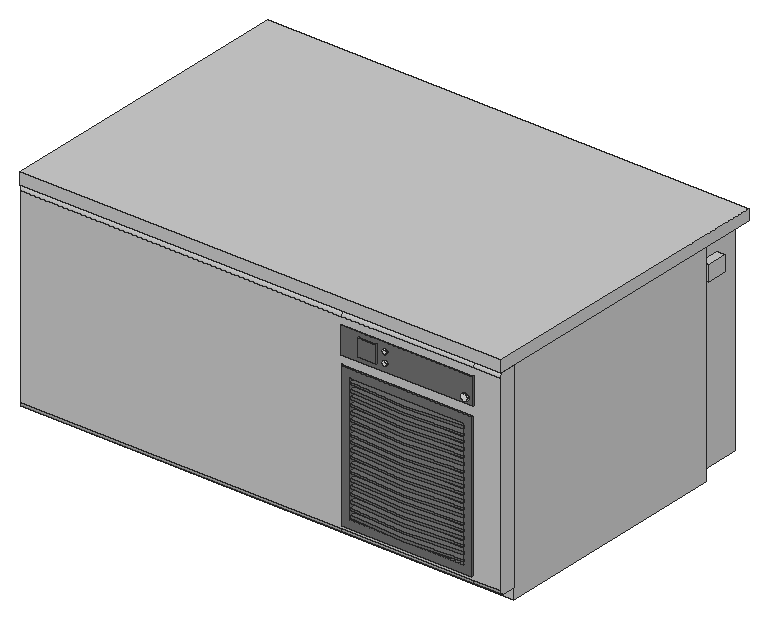
Revit family "QF_HOSHIZAKI_IM-240XNE-23", category Specialty Equipment, Revit 2016
Family settings
  Part Type = Normal
  Round Connector Dimension = Use Diameter
  OmniClass Number = 23.40.40.14
  OmniClass Title = Food Service Equipment
  Work Plane-Based = No
  Always vertical = Yes
  Cut with Voids When Loaded = No
  Shared = No
  Room Calculation Point = No
Parameters (values of type "IM-240XNE-23_230V/1Ph/50Hz")
  Weight = 88.00 kg
  Waste Remarks [instance] = ""
  Volts = 230 V
  URL Cutsheet = ""
  URL = "www.hoshizaki-europe.com"
  Status [instance] = ""
  Specification by User [instance] = ""
  Specification by Manufacturer [instance] = ""
  Serial Number = ""
  Seismic Rating = ""
  SMACNA No = ""
  Revision Code [instance] = ""
  Phase = 1
  Number of Poles = 2
  NAFEM Spec ID Number = ""
  Model = "IM-240XNE-23"
  Min Ckt Ampacity = 0 A
  Max Overcurrent Protection = 0 A
  Masterspec = ""
  Manufacturer = "HOSHIZAKI"
  Length Actual = 1084 mm
  Item Number [instance] = ""
  Installed By [instance] = ""
  Indirect Waste Size = 19.05 mm
  Indirect Waste Connection Type [instance] = ""
  Indirect Waste Connection Height [instance] = 53 mm
  Identify Quantity as Lot [instance] = no
  Height Actual = 500 mm
  HP power = ""
  Furnished By [instance] = ""
  Foodservice Equipment Identifier [instance] = yes
  FL Amps = 20 A
  Electric power = 1330 W
  Electric Connection Type [instance] = ""
  Elec Conn RI Height [instance] = 0 mm
  Elec Conn Connection Height [instance] = 409 mm
  Direct Waste RI Height [instance] = 0 mm
  Description = "MODULAR IM ICE MAKER, 240KG PER 24 HOURS, MEDIUM CUBE, MODULAR - EXTENSION"
  Depth Actual = 700 mm
  Cycle = 50 Hz
  Cost = 0
  Conn Plug = ""
  Conn Conduit = no
  Cold Water Temperature Recommended = 0 °C
  Cold Water Size = 19.05 mm
  Cold Water Flow = 0.0 L/s
  Cold Water Connection Height [instance] = 419 mm
  CSI MasterFormat = ""
  Assembly Code = "E1090320"
  Apparent Power = 1330 VA
  Accessory = no
Types (2, lengths in mm): name | Volts | Cycle
  IM-240XNE-23_230V/1Ph/50Hz | 230 V | 50 Hz
  IM-240XNE-23_240V/1Ph/60Hz | 240 V | 60 Hz
Reference planes
  plane 1 "Center (Front/Back)": y = 0
  plane 2: z = 0
  plane 3 "Center (Left/Right)": x = 0
Forms (mm)
  Extrusion 1, solid, not visible
    sketch origin (-16, -65, 418) x (1, 0, 0) y (0, 1, 0)
      loop
        line (0, 0) -> (2, 0) -> (2, 2) -> (0, 2) -> (0, 0)
    from 0 to 2
  Extrusion 2, solid, not visible
    sketch origin (-16, -213, 52) x (1, 0, 0) y (0, 1, 0)
      loop
        line (0, 0) -> (2, 0) -> (2, 2) -> (0, 2) -> (0, 0)
    from 0 to 2
  Extrusion 3, solid, not visible
    sketch origin (1073, -77, 408) x (1, 0, 0) y (0, 1, 0)
      loop
        line (0, 0) -> (2, 0) -> (2, 2) -> (0, 2) -> (0, 0)
    from 0 to 2
  Extrusion 4, solid, not visible
    sketch origin (-16, -65, 418) x (1, 0, 0) y (0, 1, 0)
      loop
        line (0, 0) -> (2, 0) -> (2, 2) -> (0, 2) -> (0, 0)
    from 0 to 2
  Extrusion 5, solid, not visible
    sketch origin (-16, -213, 52) x (1, 0, 0) y (0, 1, 0)
      loop
        line (0, 0) -> (2, 0) -> (2, 2) -> (0, 2) -> (0, 0)
    from 0 to 2
  Extrusion 6, solid, not visible
    sketch origin (1073, -77, 408) x (1, 0, 0) y (0, 1, 0)
      loop
        line (0, 0) -> (2, 0) -> (2, 2) -> (0, 2) -> (0, 0)
    from 0 to 2
Dimensions and locks
  aligned and locked: level to plane 2
Nested families
  nested 1: "QF_HOSHIZAKI_IM-240XNE-23_230V_1Ph_50Hz" at (0, 0, 0), type "IM-240XNE-23_230V/1Ph/50Hz"
    with Show Clearance yes
Connectors
  piping at (-15, -63, 419), diameter 19.05, driven by "Cold Water Size", driven by "Cold Water Flow"
    settings: on Extrusion 1, index 1, connector inside diameter 609.6 mm, connector length 0 mm, flow factor 0, pipe flow 0.0 L/s, pressure drop 0.0 Pa, fitting loss kfactor 0, connector angle 0.00°, fixture units 0, engagement length 0 mm, angle of deflection 0.00°, flow configuration 1, flow direction 1, fitting loss method 0, system type 20, joint type 0, gender type 0, connector reference index -1, connector utility 0, adjustable connector no, is connector primary yes, connector description "Cold Water connection for 'IM-240XNE-23'"
  piping at (-15, -211, 53), diameter 19.05, driven by "Indirect Waste Size"
    settings: on Extrusion 2, index 2, connector inside diameter 609.6 mm, connector length 0 mm, flow factor 0, pipe flow 0.0 L/s, pressure drop 0.0 Pa, fitting loss kfactor 0, connector angle 0.00°, fixture units 0, engagement length 0 mm, angle of deflection 0.00°, flow configuration 1, flow direction 2, fitting loss method 0, system type 16, joint type 0, gender type 0, connector reference index -1, connector utility 0, adjustable connector no, is connector primary no, connector description "Drain connection for 'IM-240XNE-23'"
  electrical at (1074, -75, 409), driven by "Apparent Power", driven by "Number of Poles", driven by "Volts"
    settings: on Extrusion 3, index 3, voltage 230 V, apparent load 0 VA, apparent load phase1 1330 VA, apparent load phase2 0 VA, apparent load phase3 0 VA, power factor 1, load classification "Other", number of poles 2, system type 31, power factor state 1, is connector primary yes, connector utility no, sub classification motor no, connector description "Electric connection for 'IM-240XNE-23'"
  piping at (-15, -63, 419), diameter 19.05, driven by "Cold Water Size", driven by "Cold Water Flow"
    settings: on Extrusion 4, index 4, connector inside diameter 609.6 mm, connector length 0 mm, flow factor 0, pipe flow 0.0 L/s, pressure drop 0.0 Pa, fitting loss kfactor 0, connector angle 0.00°, fixture units 0, engagement length 0 mm, angle of deflection 0.00°, flow configuration 1, flow direction 1, fitting loss method 0, system type 20, joint type 0, gender type 0, connector reference index -1, connector utility 0, adjustable connector no, is connector primary no, connector description "Cold Water connection for 'IM-240XNE-23'"
  piping at (-15, -211, 53), diameter 19.05, driven by "Indirect Waste Size"
    settings: on Extrusion 5, index 5, connector inside diameter 609.6 mm, connector length 0 mm, flow factor 0, pipe flow 0.0 L/s, pressure drop 0.0 Pa, fitting loss kfactor 0, connector angle 0.00°, fixture units 0, engagement length 0 mm, angle of deflection 0.00°, flow configuration 1, flow direction 2, fitting loss method 0, system type 16, joint type 0, gender type 0, connector reference index -1, connector utility 0, adjustable connector no, is connector primary no, connector description "Drain connection for 'IM-240XNE-23'"
  electrical at (1074, -75, 409), driven by "Apparent Power", driven by "Number of Poles", driven by "Volts"
    settings: on Extrusion 6, index 6, voltage 230 V, apparent load 0 VA, apparent load phase1 1330 VA, apparent load phase2 0 VA, apparent load phase3 0 VA, power factor 1, load classification "Other", number of poles 2, system type 31, power factor state 1, is connector primary no, connector utility no, sub classification motor no, connector description "Electric connection for 'IM-240XNE-23'"
Definition of nested family "QF_HOSHIZAKI_IM-240XNE-23_230V_1Ph_50Hz"
  Parameters (values of type "IM-240XNE-23_230V/1Ph/50Hz")
    Width = 1084 mm
    URL = "www.hoshizaki-europe.com"
    Show Clearance [instance] = yes
    Model = "IM-240XNE-23"
    Manufacturer = "HOSHIZAKI"
    Height = 500 mm
    Description = "MODULAR IM ICE MAKER, 240KG PER 24 HOURS, MEDIUM CUBE, MODULAR - EXTENSION"
    Depth = 700 mm
    Assembly Code = "E1090320"
  Types (31, lengths in mm): name | Width | Model | Height | Description | Depth
    IM-240DNE-HC | 1084 | "IM-240DNE-HC" | 500 | "EMERALD CLASS IM HYDROCARBON ICE MAKER, 210KG PER 24 HOURS, LARGE CUBE, MODULAR - HORIZONTAL" | 700
    IM-240XNE-HC | 1084 | "IM-240XNE-HC" | 500 | "EMERALD CLASS IM HYDROCARBON ICE MAKER, 210KG PER 24 HOURS, LARGE CUBE, MODULAR - EXTENSION" | 700
    IM-240DNE | 1084 | "IM-240DNE" | 500 | "MODULAR IM ICE MAKER, 240KG PER 24 HOURS, LARGE CUBE, MODULAR - HORIZONTAL" | 700
    IM-240DNE-21 | 1084 | "IM-240DNE-21" | 500 | "MODULAR IM ICE MAKER, 240KG PER 24 HOURS, EXTRA SMALL CUBE, MODULAR - HORIZONTAL" | 700
    IM-240DNE-23 | 1084 | "IM-240DNE-23" | 500 | "MODULAR IM ICE MAKER, 240KG PER 24 HOURS, MEDIUM CUBE, MODULAR - HORIZONTAL" | 700
    IM-240DNE-32 | 1084 | "IM-240DNE-32" | 500 | "MODULAR IM ICE MAKER, 240KG PER 24 HOURS, EXTRA LARGE CUBE, MODULAR - HORIZONTAL" | 700
    IM-240DSNE | 1084 | "IM-240DSNE" | 500 | "MODULAR IM ICE MAKER, 240KG PER 24 HOURS, LARGE CUBE, REMOTE CONDENSER" | 700
    IM-240DSNE-23 | 1084 | "IM-240DSNE-23" | 500 | "MODULAR IM ICE MAKER, 240KG PER 24 HOURS, MEDIUM CUBE, REMOTE CONDENSER" | 700
    IM-240DWNE | 1084 | "IM-240DWNE" | 500 | "MODULAR IM ICE MAKER, 240KG PER 24 HOURS, LARGE CUBE, MODULAR - HORIZONTAL, WATER COOLED" | 700
    IM-240DWNE-21 | 1084 | "IM-240DWNE-21" | 500 | "MODULAR IM ICE MAKER, 240KG PER 24 HOURS, EXTRA SMALL CUBE, MODULAR - HORIZONTAL, WATER COOLED" | 700
    IM-240DWNE-23 | 1084 | "IM-240DWNE-23" | 500 | "MODULAR IM ICE MAKER, 240KG PER 24 HOURS, MEDIUM CUBE, MODULAR - HORIZONTAL, WATER COOLED" | 700
    IM-240DWNE-32 | 1084 | "IM-240DWNE-32" | 500 | "MODULAR IM ICE MAKER, 240KG PER 24 HOURS, EXTRA LARGE CUBE, MODULAR - HORIZONTAL, WATER COOLED" | 700
    IM-240XNE | 1084 | "IM-240XNE" | 500 | "MODULAR IM ICE MAKER, 240KG PER 24 HOURS, LARGE CUBE, MODULAR - EXTENSION" | 700
    IM-240XNE-21 | 1084 | "IM-240XNE-21" | 500 | "MODULAR IM ICE MAKER, 240KG PER 24 HOURS, EXTRA SMALL CUBE, MODULAR - EXTENSION" | 700
    IM-240XNE-23_230V/1Ph/50Hz | 1084 | "IM-240XNE-23" | 500 | "MODULAR IM ICE MAKER, 240KG PER 24 HOURS, MEDIUM CUBE, MODULAR - EXTENSION" | 700
    IM-240XNE-32 | 1084 | "IM-240XNE-32" | 500 | "MODULAR IM ICE MAKER, 240KG PER 24 HOURS, EXTRA LARGE CUBE, MODULAR - EXTENSION" | 700
    IM-240XSNE | 1084 | "IM-240XSNE" | 500 | "MODULAR IM ICE MAKER, 240KG PER 24 HOURS, LARGE CUBE, MODULAR - EXTENSION, REMOTE CONDENSER" | 700
    IM-240XSNE-23 | 1084 | "IM-240XSNE-23" | 500 | "MODULAR IM ICE MAKER, 240KG PER 24 HOURS, MEDIUM CUBE, MODULAR - EXTENSION, REMOTE CONDENSER" | 700
    IM-240XWNE | 1084 | "IM-240XWNE" | 500 | "MODULAR IM ICE MAKER, 240KG PER 24 HOURS, LARGE CUBE, MODULAR - EXTENSION, WATER COOLED" | 700
    IM-240XWNE-21 | 1084 | "IM-240XWNE-21" | 500 | "MODULAR IM ICE MAKER, 240KG PER 24 HOURS, EXTRA SMALL CUBE, MODULAR - EXTENSION, WATER COOLED" | 700
    IM-240XWNE-23 | 1084 | "IM-240XWNE-23" | 500 | "MODULAR IM ICE MAKER, 240KG PER 24 HOURS, MEDIUM CUBE, MODULAR - EXTENSION, WATER COOLED" | 700
    IM-240XWNE-32 | 1084 | "IM-240XWNE-32" | 500 | "MODULAR IM ICE MAKER, 240KG PER 24 HOURS, EXTRA LARGE CUBE, MODULAR - EXTENSION, WATER COOLED" | 700
    IM-240DNE-C | 1084 | "IM-240DNE-C" | 500 | "IM CYLINDER ICE MAKER, 240KG PER 24 HOURS, CYLINDER ICE, MODULAR - HORIZONTAL" | 700
    IM-240DWNE-C | 1084 | "IM-240DWNE-C" | 500 | "IM CYLINDER ICE MAKER, 240KG PER 24 HOURS, CYLINDER ICE, MODULAR - HORIZONTAL, WATER COOLED" | 700
    IM-240XNE-C | 1084 | "IM-240XNE-C" | 500 | "IM CYLINDER ICE MAKER, 240KG PER 24 HOURS, CYLINDER ICE, MODULAR - EXTENSION" | 700
    IM-240XWNE-C | 1084 | "IM-240XWNE-C" | 500 | "IM CYLINDER ICE MAKER, 240KG PER 24 HOURS, CYLINDER ICE, MODULAR - EXTENSION, WATER COOLED" | 700
    IM-240DNE-HC-23 | 1084 | "IM-240DNE-HC-23" | 500 | "EMERALD CLASS IM HYDROCARBON ICE MAKER, 180KG PER 24 HOURS, MEDIUM CUBE, MODULAR - EXTENSION" | 700
    IM-240DNE-HC-32 | 1084 | "IM-240DNE-HC-32" | 500 | "EMERALD CLASS IM HYDROCARBON ICE MAKER, 190KG PER 24 HOURS, EXTRA LARGE CUBE, MODULAR - EXTENSION" | 700
    IM-240XNE-HC-23 | 1082 | "IM-240XNE-HC-23" | 485 | "EMERALD CLASS IM HYDROCARBON ICE MAKER, 180KG PER 24 HOURS, MEDIUM CUBE, MODULAR - EXTENSION" | 697
    IM-240XNE-HC-32 | 1082 | "IM-240XNE-HC-32" | 485 | "EMERALD CLASS IM HYDROCARBON ICE MAKER, 190KG PER 24 HOURS, EXTRA LARGE CUBE, MODULAR - EXTENSION" | 697
    IM-240DNE-HC-21 | 1084 | "IM-240DNE-HC-21" | 500 | "EMERALD CLASS IM HYDROCARBON ICE MAKER, 205KG PER 24 HOURS, EXTRA SMALL CUBE, MODULAR - EXTENSION" | 700
  Reference planes
    plane 1 "Back": y = 0
    plane 2: z = 0
    plane 3 "Left": x = 0
    plane 4 "Right": x = 1084
    plane 5 "Front": y = -700
    plane 6 "Top": z = 500
    plane 7: y = -702
    plane 8: z = 488
  Forms (mm)
    Extrusion 1, solid
      sketch origin (166.25, -249, 193) x (0, 1, 0) y (0, 0, 1)
        loop
          line (-414, -170) -> (-414, 280) -> (-441, 280)
          arc (-441, 280) -> (-448.071, 277.071) -> (-451, 270) r 10
          line (-451, 270) -> (-451, -160)
          arc (-451, -160) -> (-448.071, -167.071) -> (-441, -170) r 10
          line (-441, -170) -> (-414, -170)
      from 559.75 to -166.25
    Extrusion 2, solid
      sketch origin (-20, -211, 53) x (0, 1, 0) y (0, 0, 1)
        loop
          circle (0, 0) r 14
        loop
          circle (0, 0) r 12
      from 0 to 20
    Extrusion 3, solid
      sketch origin (-16, -63, 419) x (0, 1, 0) y (0, 0, 1)
        loop
          circle (0, 0) r 14
        loop
          circle (0, 0) r 12
      from 0 to 16
    Extrusion 4, solid
      sketch origin (1024, -249, 193) x (0, 1, 0) y (0, 0, 1)
        loop
          line (-414, -170) -> (-414, 280) -> (-441, 280)
          arc (-441, 280) -> (-448.071, 277.071) -> (-451, 270) r 10
          line (-451, 270) -> (-451, -160)
          arc (-451, -160) -> (-448.071, -167.071) -> (-441, -170) r 10
          line (-441, -170) -> (-414, -170)
      from 0 to 60
    Extrusion 5, solid
      sketch origin (726, -249, 193) x (0, 1, 0) y (0, 0, 1)
        loop
          line (-414, -170) -> (-414, -153) -> (-451, -153) -> (-451, -160)
          arc (-451, -160) -> (-448.071, -167.071) -> (-441, -170) r 10
          line (-441, -170) -> (-414, -170)
        loop
          line (-451, 270) -> (-451, 174) -> (-414, 174) -> (-414, 280) -> (-441, 280)
          arc (-441, 280) -> (-448.071, 277.071) -> (-451, 270) r 10
      from 0 to 298
    Extrusion 6, solid
      sketch origin (568.75, -852, 28) x (1, 0, 0) y (0, 0, 1)
        loop
          line (159.25, 337) -> (159.25, 14) -> (453.25, 14) -> (453.25, 337) -> (159.25, 337)
        loop
          line (177.25, 319) -> (177.25, 32) -> (435.25, 32) -> (435.25, 319) -> (177.25, 319)
      from -150 to -160
    Extrusion 7, solid
      sketch origin (568.75, -249, 170) x (1, 0, 0) y (0, 1, 0)
        loop
          line (177.25, -443) -> (177.25, -454.474)
          arc (177.25, -454.474) -> (306.295, -461.632) -> (435.25, -453) r 1057.927
          line (435.25, -453) -> (435.25, -443) -> (177.25, -443)
      from 0 to 5
    Extrusion 8, solid
      sketch origin (568.75, -249, 185) x (1, 0, 0) y (0, 1, 0)
        loop
          line (177.25, -443) -> (177.25, -454.474)
          arc (177.25, -454.474) -> (306.295, -461.632) -> (435.25, -453) r 1057.927
          line (435.25, -453) -> (435.25, -443) -> (177.25, -443)
      from 0 to 5
    Extrusion 9, solid
      sketch origin (568.75, -249, 200) x (1, 0, 0) y (0, 1, 0)
        loop
          line (177.25, -443) -> (177.25, -454.474)
          arc (177.25, -454.474) -> (306.295, -461.632) -> (435.25, -453) r 1057.927
          line (435.25, -453) -> (435.25, -443) -> (177.25, -443)
      from 0 to 5
    Extrusion 10, solid
      sketch origin (568.75, -249, 215) x (1, 0, 0) y (0, 1, 0)
        loop
          line (177.25, -443) -> (177.25, -454.474)
          arc (177.25, -454.474) -> (306.295, -461.632) -> (435.25, -453) r 1057.927
          line (435.25, -453) -> (435.25, -443) -> (177.25, -443)
      from 0 to 5
    Extrusion 11, solid
      sketch origin (568.75, -249, 230) x (1, 0, 0) y (0, 1, 0)
        loop
          line (177.25, -443) -> (177.25, -454.474)
          arc (177.25, -454.474) -> (306.295, -461.632) -> (435.25, -453) r 1057.927
          line (435.25, -453) -> (435.25, -443) -> (177.25, -443)
      from 0 to 5
    Extrusion 12, solid
      sketch origin (568.75, -249, 245) x (1, 0, 0) y (0, 1, 0)
        loop
          line (177.25, -443) -> (177.25, -454.474)
          arc (177.25, -454.474) -> (306.295, -461.632) -> (435.25, -453) r 1057.927
          line (435.25, -453) -> (435.25, -443) -> (177.25, -443)
      from 0 to 5
    Extrusion 13, solid
      sketch origin (568.75, -249, 260) x (1, 0, 0) y (0, 1, 0)
        loop
          line (177.25, -443) -> (177.25, -454.474)
          arc (177.25, -454.474) -> (306.295, -461.632) -> (435.25, -453) r 1057.927
          line (435.25, -453) -> (435.25, -443) -> (177.25, -443)
      from 0 to 5
    Extrusion 14, solid
      sketch origin (568.75, -249, 275) x (1, 0, 0) y (0, 1, 0)
        loop
          line (177.25, -443) -> (177.25, -454.474)
          arc (177.25, -454.474) -> (306.295, -461.632) -> (435.25, -453) r 1057.927
          line (435.25, -453) -> (435.25, -443) -> (177.25, -443)
      from 0 to 5
    Extrusion 15, solid
      sketch origin (568.75, -249, 290) x (1, 0, 0) y (0, 1, 0)
        loop
          line (177.25, -443) -> (177.25, -454.474)
          arc (177.25, -454.474) -> (306.295, -461.632) -> (435.25, -453) r 1057.927
          line (435.25, -453) -> (435.25, -443) -> (177.25, -443)
      from 0 to 5
    Extrusion 16, solid
      sketch origin (568.75, -249, 305) x (1, 0, 0) y (0, 1, 0)
        loop
          line (177.25, -443) -> (177.25, -454.474)
          arc (177.25, -454.474) -> (306.295, -461.632) -> (435.25, -453) r 1057.927
          line (435.25, -453) -> (435.25, -443) -> (177.25, -443)
      from 0 to 5
    Extrusion 17, solid
      sketch origin (568.75, -249, 320) x (1, 0, 0) y (0, 1, 0)
        loop
          line (177.25, -443) -> (177.25, -454.474)
          arc (177.25, -454.474) -> (306.295, -461.632) -> (435.25, -453) r 1057.927
          line (435.25, -453) -> (435.25, -443) -> (177.25, -443)
      from 0 to 5
    Extrusion 18, solid
      sketch origin (568.75, -249, 335) x (1, 0, 0) y (0, 1, 0)
        loop
          line (177.25, -443) -> (177.25, -454.474)
          arc (177.25, -454.474) -> (306.295, -461.632) -> (435.25, -453) r 1057.927
          line (435.25, -453) -> (435.25, -443) -> (177.25, -443)
      from 0 to 5
    Extrusion 19, solid
      sketch origin (568.75, -249, 110) x (1, 0, 0) y (0, 1, 0)
        loop
          line (177.25, -443) -> (177.25, -454.474)
          arc (177.25, -454.474) -> (306.295, -461.632) -> (435.25, -453) r 1057.927
          line (435.25, -453) -> (435.25, -443) -> (177.25, -443)
      from 0 to 5
    Extrusion 20, solid
      sketch origin (568.75, -249, 125) x (1, 0, 0) y (0, 1, 0)
        loop
          line (177.25, -443) -> (177.25, -454.474)
          arc (177.25, -454.474) -> (306.295, -461.632) -> (435.25, -453) r 1057.927
          line (435.25, -453) -> (435.25, -443) -> (177.25, -443)
      from 0 to 5
    Extrusion 21, solid
      sketch origin (568.75, -249, 140) x (1, 0, 0) y (0, 1, 0)
        loop
          line (177.25, -443) -> (177.25, -454.474)
          arc (177.25, -454.474) -> (306.295, -461.632) -> (435.25, -453) r 1057.927
          line (435.25, -453) -> (435.25, -443) -> (177.25, -443)
      from 0 to 5
    Extrusion 22, solid
      sketch origin (568.75, -249, 155) x (1, 0, 0) y (0, 1, 0)
        loop
          line (177.25, -443) -> (177.25, -454.474)
          arc (177.25, -454.474) -> (306.295, -461.632) -> (435.25, -453) r 1057.927
          line (435.25, -453) -> (435.25, -443) -> (177.25, -443)
      from 0 to 5
    Extrusion 23, solid
      sketch origin (568.75, -249, 65) x (1, 0, 0) y (0, 1, 0)
        loop
          line (177.25, -443) -> (177.25, -454.474)
          arc (177.25, -454.474) -> (306.295, -461.632) -> (435.25, -453) r 1057.927
          line (435.25, -453) -> (435.25, -443) -> (177.25, -443)
      from 0 to 5
    Extrusion 24, solid
      sketch origin (568.75, -249, 80) x (1, 0, 0) y (0, 1, 0)
        loop
          line (177.25, -443) -> (177.25, -454.474)
          arc (177.25, -454.474) -> (306.295, -461.632) -> (435.25, -453) r 1057.927
          line (435.25, -453) -> (435.25, -443) -> (177.25, -443)
      from 0 to 5
    Extrusion 25, solid
      sketch origin (568.75, -249, 95) x (1, 0, 0) y (0, 1, 0)
        loop
          line (177.25, -443) -> (177.25, -454.474)
          arc (177.25, -454.474) -> (306.295, -461.632) -> (435.25, -453) r 1057.927
          line (435.25, -453) -> (435.25, -443) -> (177.25, -443)
      from 0 to 5
    Extrusion 26, solid
      sketch origin (0, -700, -10) x (1, 0, 0) y (0, 0, 1)
        loop
          line (726, 397) -> (1024, 397) -> (1024, 457) -> (726, 457) -> (726, 397)
      from 0 to 2
    Extrusion 27, solid
      sketch origin (0, -702, 0) x (1, 0, 0) y (0, 0, 1)
        loop
          line (766.139, 436.277) -> (766.139, 396.277) -> (806.139, 396.277) -> (806.139, 436.277) -> (766.139, 436.277)
      from 0 to 2
    Extrusion 28, solid
      sketch origin (0, -702, 0) x (1, 0, 0) y (0, 0, 1)
        loop
          circle (825.63, 428.086) r 5
        loop
          circle (825.63, 404.468) r 5
      from 0 to 2
    Extrusion 29, solid
      sketch origin (0, -702, 0) x (1, 0, 0) y (0, 0, 1)
        loop
          circle (1006.481, 399.95) r 7.5
      from 3 to 0
    Extrusion 30, solid
      sketch origin (0, 0, 0) x (1, 0, 0) y (0, 1, 0)
        loop
          line (0, 0) -> (0, -663) -> (1084, -663) -> (1084, -120) -> (1054, -120) -> (1054, 0) -> (0, 0)
      from 0 to 475
    Extrusion 31, solid
      sketch origin (0, 0, 0) x (1, 0, 0) y (0, 1, 0)
        loop
          line (0, 0) -> (0, -700) -> (1084, -700) -> (1084, 0) -> (0, 0)
      from 500 to 475
    Extrusion 32, solid
      sketch origin (1254, 1.923, 57.766) x (0, 1, 0) y (0, 0, 1)
        loop
          line (-101.026, 368.734) -> (-101.026, 333.734) -> (-54.923, 333.734) -> (-54.923, 368.734) -> (-101.026, 368.734)
      from -180 to -200
  Cuts and joins
    joined: Extrusion 1, Extrusion 4, Extrusion 5
  Lines and regions (mm)
    symbolic lines
      curve 1: line (0, 0, 0) -> (1084, 0, 0)
      curve 2: line (0, -700, 0) -> (0, 0, 0)
      curve 3: line (1084, -700, 0) -> (0, -700, 0)
      curve 4: line (1084, 0, 0) -> (1084, -700, 0)
      curve 5: line (-16, -49, 0) -> (0, -49, 0)
      curve 6: line (-16, -49, 0) -> (-16, -77, 0)
      curve 7: line (-16, -77, 0) -> (0, -77, 0)
      curve 8: line (-20, -197, 0) -> (0, -197, 0)
      curve 9: line (-20, -197, 0) -> (-20, -225, 0)
      curve 10: line (-20, -225, 0) -> (0, -225, 0)
  Dimensions and locks
    plane 5 "Front" to Extrusion 30 = 700 mm
    locked: Extrusion 30 sketch curve to curve 4 at 30
    locked: Extrusion 30 to Extrusion 32 at 20
    "Width": plane 4 "Right" to plane 3 "Left"
    locked: Extrusion 28 to Extrusion 27 at 2
    locked: plane 5 "Front" to Extrusion 26 at 2
    Extrusion 29 to Extrusion 28 = 0 mm
    locked: plane 5 "Front" to Extrusion 6 at 8
    locked: plane 7 to plane 5 "Front" at 2
    "Depth": plane 5 "Front" to plane 1 "Back"
    locked: plane 5 "Front" to Extrusion 29 at 5
    locked: Extrusion 31 to plane 6 "Top" at 25
    cut or joined group of Extrusion 1, Extrusion 4, Extrusion 5 to plane 8 to plane 6 "Top" = 15 mm, 12 mm
    "Height": plane 6 "Top" to level
    aligned and locked: level to plane 2
    aligned and locked: Extrusion 31 to plane 4 "Right"
    aligned and locked: Extrusion 32 to Extrusion 30
    aligned and locked: Extrusion 4 to plane 4 "Right"
    aligned and locked: Extrusion 4 to Extrusion 5  (x2)
    aligned and locked: plane 4 "Right" to curve 4
    aligned and locked: Extrusion 31 to plane 5 "Front"
    aligned and locked: Extrusion 1 sketch curve to plane 5 "Front"
    aligned and locked: Extrusion 27 to Extrusion 26
    aligned and locked: plane 5 "Front" to Extrusion 26
    aligned and locked: Extrusion 28 to Extrusion 26
    aligned and locked: plane 7 to Extrusion 6
    aligned and locked: Extrusion 29 to Extrusion 26
    aligned and locked: plane 6 "Top" to Extrusion 31
    aligned and locked: Extrusion 30 to Extrusion 31
  Automatic sketch dimensions
    Extrusion 2 sketch curve to Extrusion 2 sketch curve = 0 mm  (x2)
    level to Extrusion 2 sketch curve = 53 mm
    plane 1 "Back" to Extrusion 2 sketch curve = 211 mm
    Extrusion 3 sketch curve to Extrusion 3 sketch curve = 0 mm  (x2)
    plane 1 "Back" to Extrusion 3 sketch curve = 63 mm
    Extrusion 3 sketch curve to plane 6 "Top" = 81 mm
    Extrusion 4 sketch curve to plane 5 "Front" = 0 mm
    Extrusion 4 sketch curve to Extrusion 4 sketch curve = 10 mm
    plane 5 "Front" to Extrusion 4 sketch curve = 10 mm
    Extrusion 4 sketch curve to Extrusion 4 sketch curve = 27 mm
    level to Extrusion 4 sketch curve = 23 mm
    Extrusion 4 sketch curve to plane 6 "Top" = 37 mm
    Extrusion 5 sketch curve to plane 5 "Front" = 0 mm  (x2)
    plane 5 "Front" to Extrusion 5 sketch curve = 10 mm  (x2)
    Extrusion 5 sketch curve to Extrusion 5 sketch curve = 27 mm  (x2)
    level to Extrusion 5 sketch curve = 23 mm
    Extrusion 5 sketch curve to Extrusion 5 sketch curve = 7 mm
    Extrusion 5 sketch curve to plane 6 "Top" = 133 mm
    Extrusion 5 sketch curve to plane 6 "Top" = 37 mm
    level to Extrusion 6 sketch curve = 42 mm
    plane 4 "Right" to Extrusion 6 sketch curve = 356 mm
    Extrusion 6 sketch curve to Extrusion 6 sketch curve = 18 mm  (x4)
    plane 4 "Right" to Extrusion 6 sketch curve = 80 mm
    Extrusion 6 sketch curve to plane 6 "Top" = 153 mm
    plane 5 "Front" to Extrusion 7 sketch curve = 8 mm
    plane 4 "Right" to Extrusion 7 sketch curve = 338 mm
    plane 4 "Right" to Extrusion 7 sketch curve = 215 mm
    plane 4 "Right" to Extrusion 7 sketch curve = 80 mm
    Extrusion 7 sketch curve to plane 5 "Front" = 2 mm
    Extrusion 7 sketch curve to Extrusion 7 sketch curve = 11.474 mm
    plane 5 "Front" to Extrusion 8 sketch curve = 8 mm
    plane 4 "Right" to Extrusion 8 sketch curve = 338 mm
    plane 4 "Right" to Extrusion 8 sketch curve = 215 mm
    plane 4 "Right" to Extrusion 8 sketch curve = 80 mm
    Extrusion 8 sketch curve to plane 5 "Front" = 2 mm
    Extrusion 8 sketch curve to Extrusion 8 sketch curve = 11.474 mm
    plane 5 "Front" to Extrusion 9 sketch curve = 8 mm
    plane 4 "Right" to Extrusion 9 sketch curve = 338 mm
    plane 4 "Right" to Extrusion 9 sketch curve = 215 mm
    plane 4 "Right" to Extrusion 9 sketch curve = 80 mm
    Extrusion 9 sketch curve to plane 5 "Front" = 2 mm
    Extrusion 9 sketch curve to Extrusion 9 sketch curve = 11.474 mm
    plane 5 "Front" to Extrusion 10 sketch curve = 8 mm
    plane 4 "Right" to Extrusion 10 sketch curve = 338 mm
    plane 4 "Right" to Extrusion 10 sketch curve = 215 mm
    plane 4 "Right" to Extrusion 10 sketch curve = 80 mm
    Extrusion 10 sketch curve to plane 5 "Front" = 2 mm
    Extrusion 10 sketch curve to Extrusion 10 sketch curve = 11.474 mm
    plane 5 "Front" to Extrusion 11 sketch curve = 8 mm
    plane 4 "Right" to Extrusion 11 sketch curve = 338 mm
    plane 4 "Right" to Extrusion 11 sketch curve = 215 mm
    plane 4 "Right" to Extrusion 11 sketch curve = 80 mm
    Extrusion 11 sketch curve to plane 5 "Front" = 2 mm
    Extrusion 11 sketch curve to Extrusion 11 sketch curve = 11.474 mm
    plane 5 "Front" to Extrusion 12 sketch curve = 8 mm
    plane 4 "Right" to Extrusion 12 sketch curve = 338 mm
    plane 4 "Right" to Extrusion 12 sketch curve = 215 mm
    plane 4 "Right" to Extrusion 12 sketch curve = 80 mm
    Extrusion 12 sketch curve to plane 5 "Front" = 2 mm
    Extrusion 12 sketch curve to Extrusion 12 sketch curve = 11.474 mm
    plane 5 "Front" to Extrusion 13 sketch curve = 8 mm
    plane 4 "Right" to Extrusion 13 sketch curve = 338 mm
    plane 4 "Right" to Extrusion 13 sketch curve = 215 mm
    plane 4 "Right" to Extrusion 13 sketch curve = 80 mm
    Extrusion 13 sketch curve to plane 5 "Front" = 2 mm
    Extrusion 13 sketch curve to Extrusion 13 sketch curve = 11.474 mm
    plane 5 "Front" to Extrusion 14 sketch curve = 8 mm
    plane 4 "Right" to Extrusion 14 sketch curve = 338 mm
    plane 4 "Right" to Extrusion 14 sketch curve = 215 mm
    plane 4 "Right" to Extrusion 14 sketch curve = 80 mm
    Extrusion 14 sketch curve to plane 5 "Front" = 2 mm
    Extrusion 14 sketch curve to Extrusion 14 sketch curve = 11.474 mm
    plane 5 "Front" to Extrusion 15 sketch curve = 8 mm
    plane 4 "Right" to Extrusion 15 sketch curve = 338 mm
    plane 4 "Right" to Extrusion 15 sketch curve = 215 mm
    plane 4 "Right" to Extrusion 15 sketch curve = 80 mm
    Extrusion 15 sketch curve to plane 5 "Front" = 2 mm
    Extrusion 15 sketch curve to Extrusion 15 sketch curve = 11.474 mm
    plane 5 "Front" to Extrusion 16 sketch curve = 8 mm
    plane 4 "Right" to Extrusion 16 sketch curve = 338 mm
    plane 4 "Right" to Extrusion 16 sketch curve = 215 mm
    plane 4 "Right" to Extrusion 16 sketch curve = 80 mm
    Extrusion 16 sketch curve to plane 5 "Front" = 2 mm
    Extrusion 16 sketch curve to Extrusion 16 sketch curve = 11.474 mm
    plane 5 "Front" to Extrusion 17 sketch curve = 8 mm
    plane 4 "Right" to Extrusion 17 sketch curve = 338 mm
    plane 4 "Right" to Extrusion 17 sketch curve = 215 mm
    plane 4 "Right" to Extrusion 17 sketch curve = 80 mm
    Extrusion 17 sketch curve to plane 5 "Front" = 2 mm
    Extrusion 17 sketch curve to Extrusion 17 sketch curve = 11.474 mm
    plane 5 "Front" to Extrusion 18 sketch curve = 8 mm
    plane 4 "Right" to Extrusion 18 sketch curve = 338 mm
    plane 4 "Right" to Extrusion 18 sketch curve = 215 mm
    plane 4 "Right" to Extrusion 18 sketch curve = 80 mm
    Extrusion 18 sketch curve to plane 5 "Front" = 2 mm
    Extrusion 18 sketch curve to Extrusion 18 sketch curve = 11.474 mm
    plane 5 "Front" to Extrusion 19 sketch curve = 8 mm
    plane 4 "Right" to Extrusion 19 sketch curve = 338 mm
    plane 4 "Right" to Extrusion 19 sketch curve = 215 mm
    plane 4 "Right" to Extrusion 19 sketch curve = 80 mm
    Extrusion 19 sketch curve to plane 5 "Front" = 2 mm
    Extrusion 19 sketch curve to Extrusion 19 sketch curve = 11.474 mm
    plane 5 "Front" to Extrusion 20 sketch curve = 8 mm
    plane 4 "Right" to Extrusion 20 sketch curve = 338 mm
    plane 4 "Right" to Extrusion 20 sketch curve = 215 mm
    plane 4 "Right" to Extrusion 20 sketch curve = 80 mm
    Extrusion 20 sketch curve to plane 5 "Front" = 2 mm
    Extrusion 20 sketch curve to Extrusion 20 sketch curve = 11.474 mm
    plane 5 "Front" to Extrusion 21 sketch curve = 8 mm
    plane 4 "Right" to Extrusion 21 sketch curve = 338 mm
    plane 4 "Right" to Extrusion 21 sketch curve = 215 mm
    plane 4 "Right" to Extrusion 21 sketch curve = 80 mm
    Extrusion 21 sketch curve to plane 5 "Front" = 2 mm
    Extrusion 21 sketch curve to Extrusion 21 sketch curve = 11.474 mm
    plane 5 "Front" to Extrusion 22 sketch curve = 8 mm
    plane 4 "Right" to Extrusion 22 sketch curve = 338 mm
    plane 4 "Right" to Extrusion 22 sketch curve = 215 mm
    plane 4 "Right" to Extrusion 22 sketch curve = 80 mm
    Extrusion 22 sketch curve to plane 5 "Front" = 2 mm
    Extrusion 22 sketch curve to Extrusion 22 sketch curve = 11.474 mm
    plane 5 "Front" to Extrusion 23 sketch curve = 8 mm
    plane 4 "Right" to Extrusion 23 sketch curve = 338 mm
    plane 4 "Right" to Extrusion 23 sketch curve = 215 mm
    plane 4 "Right" to Extrusion 23 sketch curve = 80 mm
    Extrusion 23 sketch curve to plane 5 "Front" = 2 mm
    Extrusion 23 sketch curve to Extrusion 23 sketch curve = 11.474 mm
    plane 5 "Front" to Extrusion 24 sketch curve = 8 mm
    plane 4 "Right" to Extrusion 24 sketch curve = 338 mm
    plane 4 "Right" to Extrusion 24 sketch curve = 215 mm
    plane 4 "Right" to Extrusion 24 sketch curve = 80 mm
    Extrusion 24 sketch curve to plane 5 "Front" = 2 mm
    Extrusion 24 sketch curve to Extrusion 24 sketch curve = 11.474 mm
    plane 5 "Front" to Extrusion 25 sketch curve = 8 mm
    plane 4 "Right" to Extrusion 25 sketch curve = 338 mm
    plane 4 "Right" to Extrusion 25 sketch curve = 215 mm
    plane 4 "Right" to Extrusion 25 sketch curve = 80 mm
    Extrusion 25 sketch curve to plane 5 "Front" = 2 mm
    Extrusion 25 sketch curve to Extrusion 25 sketch curve = 11.474 mm
    Extrusion 26 sketch curve to plane 6 "Top" = 53 mm
    plane 4 "Right" to Extrusion 26 sketch curve = 358 mm
    plane 4 "Right" to Extrusion 26 sketch curve = 60 mm
    Extrusion 26 sketch curve to Extrusion 26 sketch curve = 60 mm
    Extrusion 27 sketch curve to plane 6 "Top" = 103.723 mm
    plane 4 "Right" to Extrusion 27 sketch curve = 317.861 mm
    Extrusion 27 sketch curve to Extrusion 27 sketch curve = 40 mm  (x2)
    Extrusion 28 sketch curve to plane 6 "Top" = 95.532 mm
    plane 4 "Right" to Extrusion 28 sketch curve = 258.37 mm
    Extrusion 28 sketch curve to Extrusion 28 sketch curve = 0 mm
    Extrusion 28 sketch curve to Extrusion 28 sketch curve = 23.618 mm
    plane 4 "Right" to Extrusion 29 sketch curve = 77.519 mm
    Extrusion 29 sketch curve to plane 6 "Top" = 100.05 mm
    Extrusion 30 sketch curve to plane 3 "Left" = 0 mm
    Extrusion 30 sketch curve to plane 4 "Right" = 0 mm
    plane 1 "Back" to Extrusion 30 sketch curve = 0 mm
    plane 1 "Back" to Extrusion 30 sketch curve = 120 mm
    plane 5 "Front" to Extrusion 30 sketch curve = 37 mm
    Extrusion 31 sketch curve to plane 3 "Left" = 0 mm
    Extrusion 31 sketch curve to plane 4 "Right" = 0 mm
    Extrusion 31 sketch curve to plane 5 "Front" = 0 mm
    plane 1 "Back" to Extrusion 31 sketch curve = 0 mm
    plane 1 "Back" to Extrusion 32 sketch curve = 99.103 mm
    Extrusion 32 sketch curve to Extrusion 32 sketch curve = 46.103 mm
    Extrusion 32 sketch curve to plane 6 "Top" = 108.5 mm
    Extrusion 32 sketch curve to Extrusion 32 sketch curve = 35 mm
    curve 5 to plane 3 "Left" = 0 mm
    curve 3 to plane 5 "Front" = 0 mm
    plane 1 "Back" to curve 2 = 0 mm
    curve 6 to plane 3 "Left" = 16 mm
    curve 8 to plane 3 "Left" = 20 mm
    plane 1 "Back" to curve 9 = 225 mm
    curve 9 to curve 9 = 28 mm
    plane 1 "Back" to curve 6 = 77 mm
    curve 6 to curve 5 = 28 mm
    plane 5 "Front" to Extrusion 1 sketch curve = 10 mm  (x2)
    Extrusion 1 sketch curve to Extrusion 1 sketch curve = 27 mm
    level to Extrusion 1 sketch curve = 23 mm
    Extrusion 1 sketch curve to plane 6 "Top" = 37 mm
    radius of Extrusion 2 sketch curve = 14 mm
    radius of Extrusion 2 sketch curve = 12 mm
    radius of Extrusion 3 sketch curve = 14 mm
    radius of Extrusion 3 sketch curve = 12 mm
    radius of Extrusion 28 sketch curve = 5 mm  (x2)
    radius of Extrusion 29 sketch curve = 7.5 mm
  Connectors
    piping at (-20, -211, 53), diameter 19.05
      settings: on Extrusion 2, index 1, connector inside diameter 609.6 mm, connector length 0 mm, flow factor 0, pipe flow 0.0 L/s, pressure drop 0.0 Pa, fitting loss kfactor 0, connector angle 0.00°, fixture units 0, engagement length 0 mm, angle of deflection 0.00°, flow configuration 1, flow direction 2, fitting loss method 0, system type 16, joint type 0, gender type 0, connector reference index -1, connector utility 0, adjustable connector no, is connector primary yes, connector description "Indirect Waste Connection"
    piping at (-16, -63, 419), diameter 19.05
      settings: on Extrusion 3, index 3, connector inside diameter 609.6 mm, connector length 0 mm, flow factor 0, pipe flow 0.0 L/s, pressure drop 0.0 Pa, fitting loss kfactor 0, connector angle 0.00°, fixture units 0, engagement length 0 mm, angle of deflection 0.00°, flow configuration 1, flow direction 1, fitting loss method 0, system type 20, joint type 0, gender type 0, connector reference index -1, connector utility 0, adjustable connector no, is connector primary no, connector description "Cold Water Connection"
    electrical at (1064, -53, 409)
      settings: on Extrusion 32, index 4, voltage 230 V, apparent load 0 VA, apparent load phase1 930 VA, apparent load phase2 0 VA, apparent load phase3 0 VA, power factor 1, load classification none, number of poles 1, system type 31, power factor state 1, is connector primary yes, connector utility no, sub classification motor no, connector description "Electrical Connection"
